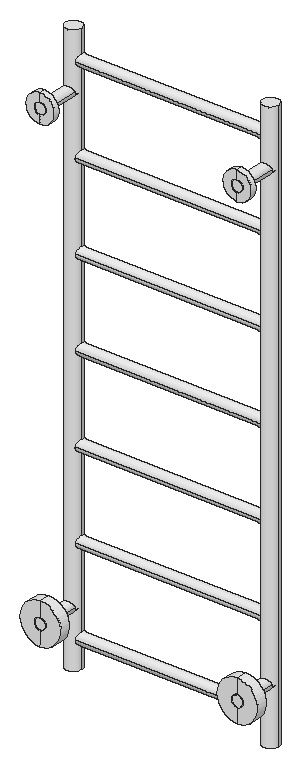
Revit family "LS-7", category Generic Models, host Wall, Revit 2017
Family settings
  Host = Wall
  Can host rebar = No
  Round Connector Dimension = Use Diameter
  Part Type = Normal
  Always vertical = Yes
  Cut with Voids When Loaded = No
  Shared = No
  Room Calculation Point = No
Parameters (values of type "350")
  URL = "https://www.sentakia.com/tuote-osasto/pyyhkekuivaimet/vesikiertoiset/"
  Teho = "kromi: 118W maalattu: 153 W"
  Sentakia_Material_Default = Stainless Steel, Polished_sentakia
  RAL-väri [instance] = no
  RAL-koodi [instance] = ""
  Model = "LS-7/350"
  Materiaali = "kromattu messinki (CuZn36As)"
  Manufacturer = "Sentakia Oy"
  Leveys = 350 mm
  LVI = "5489962"
  Keynote = "6120"
  Kenkäkoukkupari [instance] = no
  Height = 1020 mm  # constant formula
  ELO-600 kromi [instance] = no
  EAN = "4770046007474"
  Depth = 88 mm  # constant formula
  Assembly Code = ""
  2-osainen koukku pitkä [instance] = no
  2-osainen koukku lyhyt [instance] = no
Types (3, lengths in mm): name | Teho | Model | Leveys | LVI | EAN
  350 | "kromi: 118W maalattu: 153 W" | "LS-7/350" | 350 | "5489962" | "4770046007474"
  500 | "kromi: 130 W maalattu: 169 W" | "LS-7/500" | 500 | "5489963" | "4770046007481"
  600 | "kromi: 143 W maalattu: 185 W" | "LS-7/600" | 600 | "5489964" | "4770046007498"
Reference planes
  plane 1 "Wall": y = 0
  plane 2 "Center (Left/Right)": x = 125
  plane 3 "Back": y = 75
  plane 4: z = 1900
  plane 5: y = 163
  plane 6: y = 135
  plane 7: z = 1800
  plane 8 "r": x = 300
  plane 9 "l": x = -50
  plane 10: y = 149
  plane 11: y = 159
  plane 12: y = 139
  plane 13 "Tikas1": z = 1236.667
  plane 14: z = 1083.333
  plane 15: z = 1543.333
  plane 16: z = 1850
  plane 17: z = 1390
  plane 18: z = 1696.667
  plane 19: z = 880
  plane 20: z = 930
  plane 21: z = 980
Forms (mm)
  Extrusion 1, solid, material "Stainless Steel, Polished_sentakia" <- "Sentakia_Material_Default", detail levels medium+fine
    sketch origin (0, 0, 180) x (1, 0, 0) y (0, 0, 1)
      loop
        circle (300, 800) r 10
    from -149 to -75
  Extrusion 2, solid, material "Stainless Steel, Polished_sentakia" <- "Sentakia_Material_Default", detail levels medium+fine
    sketch origin (0, 0, 180) x (1, 0, 0) y (0, 0, 1)
      loop
        circle (-50, 800) r 10
    from -149 to -75
  Extrusion 3, solid, material "Stainless Steel, Polished_sentakia" <- "Sentakia_Material_Default", detail levels medium+fine
    sketch origin (0, 0, 310) x (1, 0, 0) y (0, 0, 1)
      loop
        circle (-50, 1490) r 10
    from -149 to -75
  Extrusion 4, solid, material "Stainless Steel, Polished_sentakia" <- "Sentakia_Material_Default", detail levels medium+fine
    sketch origin (0, 0, 0) x (1, 0, 0) y (0, 1, 0)
      loop
        circle (-50, 149) r 14
    from 880 to 1900
  Extrusion 5, solid, material "Stainless Steel, Polished_sentakia" <- "Sentakia_Material_Default", detail levels medium+fine
    sketch origin (0, 0, 0) x (1, 0, 0) y (0, 1, 0)
      loop
        circle (300, 149) r 14
    from 880 to 1900
  Revolve 6, solid, material "Stainless Steel, Polished_sentakia" <- "Sentakia_Material_Default", detail levels medium+fine
    sketch origin (300, 0, 180) x (0, 0, 1) y (0, 1, 0)
      loop
        line (810, 75.434) -> (836, 75.434) -> (836, 94.219) -> (810, 109.219) -> (810, 75.434)
      axis (800, 75.434) -> (800, 109.219)
    angle from 0 to 360
  Revolve 7, solid, material "Stainless Steel, Polished_sentakia" <- "Sentakia_Material_Default", detail levels medium+fine
    sketch origin (-50, 0, 180) x (0, 0, 1) y (0, 1, 0)
      loop
        line (810, 75) -> (836, 75) -> (836, 94.219) -> (810, 109.219) -> (810, 75)
      axis (800, 75) -> (800, 109.219)
    angle from 0 to 360
  Extrusion 8, solid, material "Stainless Steel, Polished_sentakia" <- "Sentakia_Material_Default", detail levels medium+fine
    sketch origin (125, 0, 0) x (0, 1, 0) y (0, 0, 1)
      loop
        circle (149, 1236.667) r 10
    from -175 to 175
  Extrusion 9, solid, material "Stainless Steel, Polished_sentakia" <- "Sentakia_Material_Default", detail levels medium+fine
    sketch origin (125, 0, -160) x (0, 1, 0) y (0, 0, 1)
      loop
        circle (149, 1090) r 10
    from -175 to 175
  Revolve 10, solid, material "Stainless Steel, Polished_sentakia" <- "Sentakia_Material_Default", detail levels medium+fine
    sketch origin (300, 0, 0) x (0, 0, 1) y (0, 1, 0)
      loop
        line (1810, 75) -> (1825, 75) -> (1825, 85) -> (1810, 85) -> (1810, 75)
      axis (1800, 75) -> (1800, 85)
    angle from 0 to 360
  Revolve 11, solid, material "Stainless Steel, Polished_sentakia" <- "Sentakia_Material_Default", detail levels medium+fine
    sketch origin (-50, 0, 0) x (0, 0, 1) y (0, 1, 0)
      loop
        line (1810, 75) -> (1825, 75) -> (1825, 85) -> (1810, 85) -> (1810, 75)
      axis (1800, 75) -> (1800, 85)
    angle from 0 to 360
  Extrusion 12, solid, material "Stainless Steel, Polished_sentakia" <- "Sentakia_Material_Default", detail levels medium+fine
    sketch origin (0, 0, 0) x (1, 0, 0) y (0, 0, 1)
      loop
        circle (300, 1800) r 10
    from -149 to -75
  Extrusion 13, solid, material "Stainless Steel, Polished_sentakia" <- "Sentakia_Material_Default", detail levels coarse
    sketch origin (125, 0, 0) x (0, 1, 0) y (0, 0, 1)
      loop
        line (163, 1900) -> (75, 1900) -> (75, 880) -> (163, 880) -> (163, 1900)
    from -175 to 175
  Extrusion 14, solid, material "Stainless Steel, Polished_sentakia" <- "Sentakia_Material_Default", detail levels medium+fine
    sketch origin (125, 0, 22.057) x (0, 1, 0) y (0, 0, 1)
      loop
        circle (149, 1061.276) r 10
    from -175 to 175
  Extrusion 15, solid, material "Stainless Steel, Polished_sentakia" <- "Sentakia_Material_Default", detail levels medium+fine
    sketch origin (125, 0, 153.333) x (0, 1, 0) y (0, 0, 1)
      loop
        circle (149, 1390) r 10
    from -175 to 175
  Extrusion 16, solid, material "Stainless Steel, Polished_sentakia" <- "Sentakia_Material_Default", detail levels medium+fine
    sketch origin (125, 0, 306.667) x (0, 1, 0) y (0, 0, 1)
      loop
        circle (149, 1543.333) r 10
    from -175 to 175
  Extrusion 17, solid, material "Stainless Steel, Polished_sentakia" <- "Sentakia_Material_Default", detail levels medium+fine
    sketch origin (125, 0, 213.333) x (0, 1, 0) y (0, 0, 1)
      loop
        circle (149, 1483.333) r 10
    from -175 to 175
  Extrusion 18, solid, material "Stainless Steel, Polished_sentakia" <- "Sentakia_Material_Default", detail levels medium+fine
    sketch origin (125, 0, 73.333) x (0, 1, 0) y (0, 0, 1)
      loop
        circle (149, 1316.667) r 10
    from -175 to 175
Cuts and joins
  joined: Extrusion 4, Extrusion 5, Extrusion 8, Extrusion 9, Extrusion 14, Extrusion 15, Extrusion 16, Extrusion 17, Extrusion 18
Text (mm)
  text "Placement Side" at (-1848.837, 1116.779, 0), in view "Ref. Level"
  text "Placement side" at (0, 1409.804, 2854.306), in view "Left"
  text "Placement side" at (0, 499.811, 2980.732), in view "Right"
Dimensions and locks
  locked: plane 3 "Back" to host wall
  "Depth": plane 5 to host wall
  locked: plane 5 to plane 6 at 28
  "Leveys": plane 9 "l" to plane 8 "r"
  plane 7 to level = 1800 mm
  locked: host wall to plane 10 at 74
  locked: plane 11 to plane 12 at 20
  plane 4 to plane 7 = 100 mm
  equal spacing: plane 9 "l", plane 2 "Center (Left/Right)", plane 8 "r"
  "Height": plane 19 to plane 4
  equal spacing: plane 20, plane 14, plane 13 "Tikas1", plane 17, plane 15, plane 18, plane 16
  locked: plane 7 to plane 4 at 100
  aligned and locked: plane 1 "Wall" to host wall
  aligned and locked: Extrusion 1 to host wall
  aligned and locked: Extrusion 2 to host wall
  aligned and locked: Extrusion 3 to host wall
  aligned and locked: Extrusion 2 to plane 10
  aligned and locked: Extrusion 2 to Extrusion 1
  aligned and locked: plane 4 to Extrusion 4
  aligned and locked: plane 4 to Extrusion 5
  aligned and locked: plane 9 "l" to Extrusion 8
  aligned and locked: Extrusion 8 to plane 8 "r"
  aligned and locked: Extrusion 9 to plane 8 "r"
  aligned and locked: plane 9 "l" to Extrusion 9
  aligned and locked: Revolve 10 sketch curve to plane 7
  aligned and locked: Revolve 11 sketch curve to plane 7
  aligned and locked: Extrusion 12 to host wall
  aligned and locked: plane 9 "l" to Extrusion 3 sketch curve
  aligned and locked: plane 8 "r" to Extrusion 12 sketch curve
  aligned and locked: plane 7 to Extrusion 12 sketch curve
  aligned and locked: Extrusion 3 to Extrusion 12
  aligned and locked: Extrusion 12 to plane 10
  aligned and locked: plane 3 "Back" to Revolve 7
  aligned and locked: plane 4 to Extrusion 13
  aligned and locked: Extrusion 13 to plane 8 "r"
  aligned and locked: plane 9 "l" to Extrusion 13
  aligned and locked: Extrusion 13 to host wall
  aligned and locked: Extrusion 14 to plane 8 "r"
  aligned and locked: plane 9 "l" to Extrusion 14
  aligned and locked: plane 9 "l" to Extrusion 15
  aligned and locked: Extrusion 15 to plane 8 "r"
  aligned and locked: Extrusion 16 to plane 8 "r"
  aligned and locked: plane 9 "l" to Extrusion 16
  aligned and locked: Extrusion 18 to plane 8 "r"
  aligned and locked: plane 9 "l" to Extrusion 18
  aligned and locked: Extrusion 17 to plane 8 "r"
  aligned and locked: plane 9 "l" to Extrusion 17
  aligned and locked: Extrusion 5 to Extrusion 4
  aligned and locked: Extrusion 13 to cut or joined group 1 (Extrusion 4, Extrusion 5, Extrusion 8, Extrusion 9, Extrusion 14, Extrusion 15, Extrusion 16, Extrusion 17, Extrusion 18)
  aligned and locked: cut or joined group 1 to plane 19
  aligned and locked: plane 20 to Extrusion 9 sketch curve
  aligned and locked: plane 21 to Extrusion 1 sketch curve
  aligned and locked: plane 21 to Extrusion 2 sketch curve
  aligned and locked: plane 9 "l" to Extrusion 2 sketch curve
  aligned and locked: plane 8 "r" to Extrusion 1 sketch curve
Automatic sketch dimensions
  Extrusion 3 sketch curve to plane 7 = 0 mm
  Extrusion 4 sketch curve to plane 9 "l" = 0 mm
  plane 10 to Extrusion 4 sketch curve = 0 mm
  Extrusion 5 sketch curve to plane 8 "r" = 0 mm
  plane 10 to Extrusion 5 sketch curve = 0 mm
  host wall to Revolve 6 sketch curve = 0.434 mm
  Revolve 6 sketch curve to Revolve 6 sketch curve = 18.785 mm
  plane 6 to Revolve 6 sketch curve = 25.781 mm
  Revolve 6 sketch curve to host wall = 0.781 mm
  Revolve 6 sketch curve to Revolve 6 sketch curve = 12.351 mm
  Revolve 7 sketch curve to host wall = 0 mm
  host wall to Revolve 7 sketch curve = 19.219 mm
  plane 6 to Revolve 7 sketch curve = 25.781 mm
  Revolve 7 sketch curve to host wall = 0.781 mm
  Revolve 7 sketch curve to Revolve 7 sketch curve = 12.351 mm
  Extrusion 8 sketch curve to plane 10 = 0 mm
  Extrusion 8 sketch curve to plane 13 "Tikas1" = 0 mm
  Extrusion 9 sketch curve to plane 10 = 0 mm
  Revolve 10 sketch curve to host wall = 0 mm  (x2)
  plane 7 to Revolve 10 sketch curve = 10 mm
  Revolve 10 sketch curve to Revolve 10 sketch curve = 15 mm
  host wall to Revolve 10 sketch curve = 10 mm
  plane 6 to Revolve 10 sketch curve = 20 mm
  Revolve 11 sketch curve to host wall = 0 mm  (x2)
  Revolve 11 sketch curve to Revolve 11 sketch curve = 10 mm
  Revolve 11 sketch curve to Revolve 11 sketch curve = 15 mm
  host wall to Revolve 11 sketch curve = 10 mm
  plane 6 to Revolve 11 sketch curve = 20 mm
  Extrusion 13 sketch curve to host wall = 0 mm
  Extrusion 13 sketch curve to plane 5 = 0 mm
  Extrusion 13 sketch curve to plane 4 = 0 mm
  Extrusion 14 sketch curve to plane 10 = 0 mm
  Extrusion 14 sketch curve to plane 14 = 0 mm
  Extrusion 15 sketch curve to plane 10 = 0 mm
  Extrusion 15 sketch curve to plane 15 = 0 mm
  Extrusion 16 sketch curve to plane 10 = 0 mm
  Extrusion 16 sketch curve to plane 16 = 0 mm
  Extrusion 17 sketch curve to plane 10 = 0 mm
  Extrusion 17 sketch curve to plane 18 = 0 mm
  Extrusion 18 sketch curve to plane 10 = 0 mm
  Extrusion 18 sketch curve to plane 17 = 0 mm
  Revolve 6 sketch curve to plane 21 = 0 mm
  Revolve 7 sketch curve to plane 21 = 0 mm
  plane 21 to Revolve 6 sketch curve = 10 mm
  Revolve 6 sketch curve to Revolve 6 sketch curve = 26 mm
  plane 21 to Revolve 7 sketch curve = 10 mm
  Revolve 7 sketch curve to Revolve 7 sketch curve = 26 mm
  Extrusion 13 sketch curve to plane 19 = 0 mm
  radius of Extrusion 1 sketch curve = 10 mm
  radius of Extrusion 2 sketch curve = 10 mm
  radius of Extrusion 3 sketch curve = 10 mm
  radius of Extrusion 4 sketch curve = 14 mm
  radius of Extrusion 5 sketch curve = 14 mm
  radius of Extrusion 8 sketch curve = 10 mm
  radius of Extrusion 9 sketch curve = 10 mm
  radius of Extrusion 12 sketch curve = 10 mm
  radius of Extrusion 14 sketch curve = 10 mm
  radius of Extrusion 15 sketch curve = 10 mm
  radius of Extrusion 16 sketch curve = 10 mm
  radius of Extrusion 17 sketch curve = 10 mm
  radius of Extrusion 18 sketch curve = 10 mm
Connectors
  piping at (300, 75, 980), diameter 12
    settings: on Extrusion 1, index 1, connector inside diameter 609.6 mm, connector length 0 mm, flow factor 0, pipe flow 0.0 L/s, pressure drop 0.0 Pa, fitting loss kfactor 0, connector angle 0.00°, fixture units 0, engagement length 0 mm, angle of deflection 0.00°, flow configuration 0, flow direction 0, fitting loss method 0, system type 22, joint type 0, gender type 0, connector reference index -1, connector utility 0, adjustable connector no, is connector primary yes, connector description ""
  piping at (300, 75, 980), diameter 12
    settings: on Extrusion 1, index 2, connector inside diameter 609.6 mm, connector length 0 mm, flow factor 0, pipe flow 0.0 L/s, pressure drop 0.0 Pa, fitting loss kfactor 0, connector angle 0.00°, fixture units 0, engagement length 0 mm, angle of deflection 0.00°, flow configuration 0, flow direction 0, fitting loss method 0, system type 22, joint type 0, gender type 0, connector reference index -1, connector utility 0, adjustable connector no, is connector primary no, connector description ""
  piping at (-50, 75, 980), diameter 12
    settings: on Extrusion 2, index 3, connector inside diameter 609.6 mm, connector length 0 mm, flow factor 0, pipe flow 0.0 L/s, pressure drop 0.0 Pa, fitting loss kfactor 0, connector angle 0.00°, fixture units 0, engagement length 0 mm, angle of deflection 0.00°, flow configuration 0, flow direction 0, fitting loss method 0, system type 22, joint type 0, gender type 0, connector reference index -1, connector utility 0, adjustable connector no, is connector primary no, connector description ""
